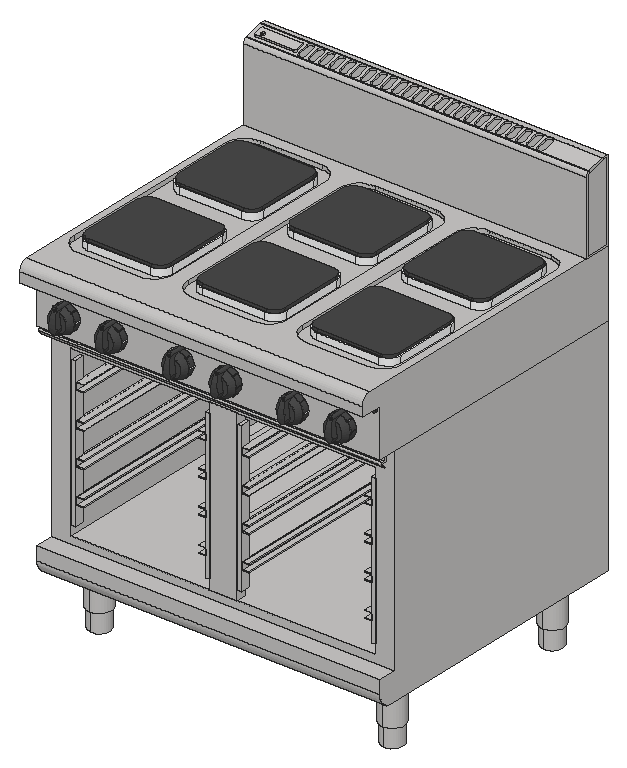
Revit family "QF_Moffat_RN8600SE-CB_Electric_Cooktops_Sealed_Hobs_cat", category Specialty Equipment, Revit 2019
Family settings
  Round Connector Dimension = Use Diameter
  Part Type = Normal
  Work Plane-Based = No
  Always vertical = Yes
  Cut with Voids When Loaded = No
  Shared = No
  Room Calculation Point = No
Parameters (values of type "QF_Moffat_RN8600SE-CB")
  Weight in Kilograms = 130
  Watts = 396 W
  Volts = 220 V
  URL Cutsheet = ""
  Specification by User = ""
  Specification by Manufacturer = ""
  Show Low Back [instance] = no
  Show Logo [instance] = yes
  Show High Back [instance] = not(Show Low Back)  # yes
  Serial Number = ""
  Seismic Rating = ""
  SMACNA No = ""
  Revision Code = ""
  Phase = 1
  Number of Poles = 1
  NAFEM Spec ID Number = ""
  Model = "RN8600SE-CB"
  Min Ckt Ampacity = 0 A
  Max Overcurrent Protection = 0 A
  Masterspec = ""
  Manufacturer = "Moffat"
  Length = 900 mm
  Item Number = ""
  Installed By = ""
  Identify Quantity as Lot = yes
  Height = 1130 mm
  HP = ""
  Furnished By = ""
  Foodservice Equipment Identifier = yes
  FL Amps = 1.8 A
  Electrical Remarks = ""
  Electric Connection Type = ""
  Elec Conn RI Height = 0 mm
  Elec Conn Connection Height = 0 mm
  Description = "Electric Cooktops Sealed Hobs"
  Depth = 805 mm
  Cycle = 50 Hz
  Conn Plug = ""
  Conn Conduit = yes
  CSI MasterFormat = ""
  Apparent Power = if(Phase = 3, Volts * FL Amps * 1.73, Volts * FL Amps)  # 396 VA
Reference planes
  plane 1 "BACK": y = 0
  plane 2: z = 0
  plane 3 "LEFT": x = 0
  plane 4 "RIGHT": x = 900
  plane 5 "FRONT": y = -805
  plane 6 "TOP": z = 1130
  plane 7 "Center Y": x = 450
  plane 8 "Center X": y = -402.5
Dimensions and locks
  equal spacing: plane 3 "LEFT", plane 7 "Center Y", plane 4 "RIGHT"
  "Length": plane 3 "LEFT" to plane 4 "RIGHT"
  equal spacing: plane 5 "FRONT", plane 8 "Center X", plane 1 "BACK"
  "Depth": plane 5 "FRONT" to plane 1 "BACK"
  "Height": plane 6 "TOP" to level
  aligned and locked: level to plane 2
Nested families
  nested 1: "RN8600SE-CB" at (0, 0, 0), type "E516S-CB"
  nested 2: "High and Low Option" at (0, 0, 0), High Back <- "Show High Back", Low Back <- "Show Low Back", Show Logo <- "Show Logo", type "RNLB8610SE"
    with Show Logo 2 yes, Show Logo 1 no, Show Logo yes, Low Back no, High Back yes
Connectors
  electrical at (770, -30, 148.4), driven by "Volts", driven by "Watts"
    settings: on nested 1, index 1, voltage 220 V, apparent load 396 VA, apparent load phase1 0 VA, apparent load phase2 0 VA, apparent load phase3 0 VA, power factor 1, load classification "Other", number of poles 1, system type 30, power factor state 1, is connector primary yes, connector utility no, sub classification motor no, connector description "ELECTRICAL CONNECTION"
Definition of nested family "RN8600SE-CB"
  Parameters (values of type "E516S-CB")
    Weight in Kilograms = 195
    Watts = Volts * FL Amps  # 396 W
    Volts = 220 V
    URL Cutsheet = ""
    Specification by User = ""
    Specification by Manufacturer = ""
    Serial Number = ""
    Seismic Rating = ""
    SMACNA No = ""
    Revision Code = ""
    Phase = 1
    Number of Poles = 1
    NAFEM Spec ID Number = ""
    Model = "RN8600SE-CB"
    Min Ckt Ampacity = 0 A
    Max Overcurrent Protection = 0 A
    Masterspec = ""
    Manufacturer = "Moffat"
    Length = 900 mm
    Item Number = ""
    Installed By = ""
    Identify Quantity as Lot = yes
    Height = 970 mm
    HP = ""
    Furnished By = ""
    Foodservice Equipment Identifier = yes
    FL Amps = 1.8 A
    Electrical Remarks = ""
    Electric Connection Type = ""
    Elec Conn RI Height = 0 mm
    Elec Conn Connection Height = 0 mm
    Description = "Electric Cooktops Sealed Hobs"
    Depth = 805 mm
    Cycle = 50 Hz
    Conn Plug = ""
    Conn Conduit = yes
    CSI MasterFormat = ""
    Apparent Power = if(Phase = 3, Volts * FL Amps * 1.73, Volts * FL Amps)  # 396 VA
  Reference planes
    plane 1 "BACK": y = 0
    plane 2: z = 0
    plane 3 "LEFT": x = 0
    plane 4 "RIGHT": x = 900
    plane 5 "FRONT": y = -805
    plane 6 "TOP": z = 915
    plane 7 "Center Y": x = 450
    plane 8 "Center X": y = -402.5
    plane 9: x = 65.5
    plane 10: x = 87.5
    plane 11: x = 211.766
    plane 12: y = -30
    plane 13: x = 770
    plane 14: x = 512.5
    plane 15: x = 388.234
    plane 16: x = 834.5
    plane 17: z = 150
    plane 18: y = -100
    plane 19: y = -625
    plane 20: z = 675
    plane 21: x = 812.5
    plane 22: x = 688.234
  Forms (mm)
    Extrusion 1, solid
      sketch origin (0, 0, 600) x (0, 1, 0) y (0, 0, 1)
        loop
          line (0, 140) -> (0, 315) -> (-781, 315)
          arc (-781, 315) -> (-797.971, 307.971) -> (-805, 291) r 24
          line (-805, 291) -> (-805, 266) -> (-749, 266) -> (-749, 140) -> (0, 140)
      from 0 to 900
    Extrusion 2, void
      sketch origin (0, -783.97, 914.5) x (0, 1, 0) y (-1, 0, 0)
        loop
          arc (681.97, -69) -> (667.325, -33.645) -> (631.97, -19) r 50
          line (631.97, -19) -> (131.97, -19)
          arc (131.97, -19) -> (96.615, -33.645) -> (81.97, -69) r 50
          line (81.97, -69) -> (81.97, -231)
          arc (81.97, -231) -> (96.615, -266.355) -> (131.97, -281) r 50
          line (131.97, -281) -> (631.97, -281)
          arc (631.97, -281) -> (667.325, -266.355) -> (681.97, -231) r 50
          line (681.97, -231) -> (681.97, -69)
        loop
          line (681.97, -831) -> (681.97, -669)
          arc (681.97, -669) -> (667.325, -633.645) -> (631.97, -619) r 50
          line (631.97, -619) -> (131.97, -619)
          arc (131.97, -619) -> (96.615, -633.645) -> (81.97, -669) r 50
          line (81.97, -669) -> (81.97, -831)
          arc (81.97, -831) -> (96.615, -866.355) -> (131.97, -881) r 50
          line (131.97, -881) -> (631.97, -881)
          arc (631.97, -881) -> (667.325, -866.355) -> (681.97, -831) r 50
        loop
          arc (81.97, -531) -> (96.615, -566.355) -> (131.97, -581) r 50
          line (131.97, -581) -> (631.97, -581)
          arc (631.97, -581) -> (667.325, -566.355) -> (681.97, -531) r 50
          line (681.97, -531) -> (681.97, -369)
          arc (681.97, -369) -> (667.325, -333.645) -> (631.97, -319) r 50
          line (631.97, -319) -> (131.97, -319)
          arc (131.97, -319) -> (96.615, -333.645) -> (81.97, -369) r 50
          line (81.97, -369) -> (81.97, -531)
      from 0.5 to -9.5
    Extrusion 3, solid
      sketch origin (0, -783.97, 905) x (0, 1, 0) y (-1, 0, 0)
        loop
          arc (645.97, -68) -> (636.597, -45.373) -> (613.97, -36) r 32
          line (613.97, -36) -> (449.97, -36)
          arc (449.97, -36) -> (427.343, -45.373) -> (417.97, -68) r 32
          line (417.97, -68) -> (417.97, -232)
          arc (417.97, -232) -> (427.343, -254.627) -> (449.97, -264) r 32
          line (449.97, -264) -> (613.97, -264)
          arc (613.97, -264) -> (636.597, -254.627) -> (645.97, -232) r 32
          line (645.97, -232) -> (645.97, -68)
        loop
          arc (345.97, -68) -> (336.597, -45.373) -> (313.97, -36) r 32
          line (313.97, -36) -> (149.97, -36)
          arc (149.97, -36) -> (127.343, -45.373) -> (117.97, -68) r 32
          line (117.97, -68) -> (117.97, -232)
          arc (117.97, -232) -> (127.343, -254.627) -> (149.97, -264) r 32
          line (149.97, -264) -> (313.97, -264)
          arc (313.97, -264) -> (336.597, -254.627) -> (345.97, -232) r 32
          line (345.97, -232) -> (345.97, -68)
        loop
          arc (645.97, -368) -> (636.597, -345.373) -> (613.97, -336) r 32
          line (613.97, -336) -> (449.97, -336)
          arc (449.97, -336) -> (427.343, -345.373) -> (417.97, -368) r 32
          line (417.97, -368) -> (417.97, -532)
          arc (417.97, -532) -> (427.343, -554.627) -> (449.97, -564) r 32
          line (449.97, -564) -> (613.97, -564)
          arc (613.97, -564) -> (636.597, -554.627) -> (645.97, -532) r 32
          line (645.97, -532) -> (645.97, -368)
        loop
          arc (417.97, -832) -> (427.343, -854.627) -> (449.97, -864) r 32
          line (449.97, -864) -> (613.97, -864)
          arc (613.97, -864) -> (636.597, -854.627) -> (645.97, -832) r 32
          line (645.97, -832) -> (645.97, -668)
          arc (645.97, -668) -> (636.597, -645.373) -> (613.97, -636) r 32
          line (613.97, -636) -> (449.97, -636)
          arc (449.97, -636) -> (427.343, -645.373) -> (417.97, -668) r 32
          line (417.97, -668) -> (417.97, -832)
        loop
          arc (345.97, -368) -> (336.597, -345.373) -> (313.97, -336) r 32
          line (313.97, -336) -> (149.97, -336)
          arc (149.97, -336) -> (127.343, -345.373) -> (117.97, -368) r 32
          line (117.97, -368) -> (117.97, -532)
          arc (117.97, -532) -> (127.343, -554.627) -> (149.97, -564) r 32
          line (149.97, -564) -> (313.97, -564)
          arc (313.97, -564) -> (336.597, -554.627) -> (345.97, -532) r 32
          line (345.97, -532) -> (345.97, -368)
        loop
          arc (117.97, -832) -> (127.343, -854.627) -> (149.97, -864) r 32
          line (149.97, -864) -> (313.97, -864)
          arc (313.97, -864) -> (336.597, -854.627) -> (345.97, -832) r 32
          line (345.97, -832) -> (345.97, -668)
          arc (345.97, -668) -> (336.597, -645.373) -> (313.97, -636) r 32
          line (313.97, -636) -> (149.97, -636)
          arc (149.97, -636) -> (127.343, -645.373) -> (117.97, -668) r 32
          line (117.97, -668) -> (117.97, -832)
      from 0 to 17.8
    Extrusion 4, solid
      sketch origin (0, -783.97, 922.8) x (0, 1, 0) y (-1, 0, 0)
        loop
          arc (641.97, -67) -> (634.062, -47.908) -> (614.97, -40) r 27
          line (614.97, -40) -> (448.97, -40)
          arc (448.97, -40) -> (429.878, -47.908) -> (421.97, -67) r 27
          line (421.97, -67) -> (421.97, -233)
          arc (421.97, -233) -> (429.878, -252.092) -> (448.97, -260) r 27
          line (448.97, -260) -> (614.97, -260)
          arc (614.97, -260) -> (634.062, -252.092) -> (641.97, -233) r 27
          line (641.97, -233) -> (641.97, -67)
        loop
          arc (341.97, -67) -> (334.062, -47.908) -> (314.97, -40) r 27
          line (314.97, -40) -> (148.97, -40)
          arc (148.97, -40) -> (129.878, -47.908) -> (121.97, -67) r 27
          line (121.97, -67) -> (121.97, -233)
          arc (121.97, -233) -> (129.878, -252.092) -> (148.97, -260) r 27
          line (148.97, -260) -> (314.97, -260)
          arc (314.97, -260) -> (334.062, -252.092) -> (341.97, -233) r 27
          line (341.97, -233) -> (341.97, -67)
        loop
          line (641.97, -833) -> (641.97, -667)
          arc (641.97, -667) -> (634.062, -647.908) -> (614.97, -640) r 27
          line (614.97, -640) -> (448.97, -640)
          arc (448.97, -640) -> (429.878, -647.908) -> (421.97, -667) r 27
          line (421.97, -667) -> (421.97, -833)
          arc (421.97, -833) -> (429.878, -852.092) -> (448.97, -860) r 27
          line (448.97, -860) -> (614.97, -860)
          arc (614.97, -860) -> (634.062, -852.092) -> (641.97, -833) r 27
        loop
          line (421.97, -367) -> (421.97, -533)
          arc (421.97, -533) -> (429.878, -552.092) -> (448.97, -560) r 27
          line (448.97, -560) -> (614.97, -560)
          arc (614.97, -560) -> (634.062, -552.092) -> (641.97, -533) r 27
          line (641.97, -533) -> (641.97, -367)
          arc (641.97, -367) -> (634.062, -347.908) -> (614.97, -340) r 27
          line (614.97, -340) -> (448.97, -340)
          arc (448.97, -340) -> (429.878, -347.908) -> (421.97, -367) r 27
        loop
          line (341.97, -833) -> (341.97, -667)
          arc (341.97, -667) -> (334.062, -647.908) -> (314.97, -640) r 27
          line (314.97, -640) -> (148.97, -640)
          arc (148.97, -640) -> (129.878, -647.908) -> (121.97, -667) r 27
          line (121.97, -667) -> (121.97, -833)
          arc (121.97, -833) -> (129.878, -852.092) -> (148.97, -860) r 27
          line (148.97, -860) -> (314.97, -860)
          arc (314.97, -860) -> (334.062, -852.092) -> (341.97, -833) r 27
        loop
          line (121.97, -367) -> (121.97, -533)
          arc (121.97, -533) -> (129.878, -552.092) -> (148.97, -560) r 27
          line (148.97, -560) -> (314.97, -560)
          arc (314.97, -560) -> (334.062, -552.092) -> (341.97, -533) r 27
          line (341.97, -533) -> (341.97, -367)
          arc (341.97, -367) -> (334.062, -347.908) -> (314.97, -340) r 27
          line (314.97, -340) -> (148.97, -340)
          arc (148.97, -340) -> (129.878, -347.908) -> (121.97, -367) r 27
      from 0 to 6.1
    Extrusion 5, solid
      sketch origin (0, 0, 600) x (0, 1, 0) y (0, 0, 1)
        loop
          line (-699, 85) -> (0, 85) -> (0, 140) -> (-699, 140) -> (-699, 85)
      from 0 to 900
    Extrusion 6, solid
      sketch origin (0, 0, 600) x (0, 1, 0) y (0, 0, 1)
        loop
          line (-730.6, 140) -> (-730.6, 130) -> (-740.105, 130)
          arc (-740.105, 130) -> (-743.076, 128.015) -> (-742.379, 124.511) r 3.215
          line (-742.379, 124.511) -> (-731.85, 113.982) -> (-730.719, 115.113) -> (-741.247, 125.642)
          arc (-741.247, 125.642) -> (-741.597, 127.403) -> (-740.105, 128.4) r 1.615
          line (-740.105, 128.4) -> (-729, 128.4) -> (-729, 140) -> (-730.6, 140)
      from 0 to 900
    Extrusion 7, solid
      sketch origin (450, 175.397, 1819.2) x (0, 1, 0) y (0, 0, 1)
        loop
          line (-874.397, -1109.2) -> (-889.234, -1109.2)
          arc (-889.234, -1109.2) -> (-890.834, -1110.8) -> (-889.234, -1112.4) r 1.6
          line (-889.234, -1112.4) -> (-874.397, -1112.4) -> (-874.397, -1109.2)
      from -400 to 400
    Extrusion 8, solid
      sketch origin (0, -749, 811.25) x (0, 0, 1) y (-1, 0, 0)
        loop
          circle (29.8, -732.5) r 7.15
        loop
          circle (29.8, -857.5) r 7.15
        loop
          circle (29.8, -431.766) r 7.15
        loop
          circle (29.8, -556.766) r 7.15
        loop
          circle (29.8, -131.031) r 7.15
        loop
          circle (29.8, -256.031) r 7.15
      from 0 to 1.6
    Extrusion 9, solid
      sketch origin (0, -749, 811.25) x (0, 0, 1) y (-1, 0, 0)
        loop
          circle (42.343, -13.157) r 5
        loop
          circle (42.343, -886.843) r 5
      from 0 to 1.6
    Extrusion 10, solid
      sketch origin (-6096, 187.719, 150) x (-1, 0, 0) y (0, 1, 0)
        loop
          circle (-6866, -217.719) r 6.35
      from 0 to 1.6
    Extrusion 11, solid
      sketch origin (-6096, 187.719, 150) x (0, 1, 0) y (-1, 0, 0)
        loop
          line (-187.719, -6096) -> (-886.719, -6096) -> (-886.719, -6146) -> (-235.719, -6146) -> (-235.719, -6946) -> (-886.719, -6946) -> (-886.719, -6996) -> (-187.719, -6996) -> (-187.719, -6096)
      from 0 to 535
    Extrusion 12, solid
      sketch origin (0, 0, 0) x (0, 1, 0) y (0, 0, 1)
        loop
          line (-48, 150) -> (-48, 242.5) -> (-699, 242.5) -> (-699, 222.5) -> (-749, 222.5) -> (-749, 188)
          arc (-749, 188) -> (-737.87, 161.13) -> (-711, 150) r 38
          line (-711, 150) -> (-48, 150)
      from 0 to 900
    Extrusion 13, solid
      sketch origin (550, -48, 150) x (0, -1, 0) y (0, 0, 1)
        loop
          line (651, 92.5) -> (651, 535) -> (625.6, 535) -> (625.6, 92.5) -> (651, 92.5)
        loop
          line (0, 535) -> (0, 92.5) -> (25.4, 92.5) -> (25.4, 535) -> (0, 535)
      from 64.5 to 135.5
    Extrusion 14, solid
      sketch origin (414.5, -48, 150) x (0, -1, 0) y (0, 0, 1)
        loop
          line (651, 507.5) -> (625.6, 507.5) -> (625.6, 117.5) -> (651, 117.5) -> (651, 507.5)
        loop
          line (25.4, 117.5) -> (25.4, 507.5) -> (0, 507.5) -> (0, 117.5) -> (25.4, 117.5)
      from 0 to 11.3
    Extrusion 15, solid
      sketch origin (50, 0, 150) x (0, -1, 0) y (0, 0, -1)
        loop
          line (699, -507.5) -> (699, -117.5) -> (673.6, -117.5) -> (673.6, -507.5) -> (699, -507.5)
        loop
          line (75.4, -117.5) -> (48, -117.5) -> (48, -507.5) -> (75.4, -507.5) -> (75.4, -117.5)
      from 0 to 11.3
    Extrusion 16, solid
      sketch origin (50, -48, 267.5) x (0, 0, 1) y (1, 0, 0)
        loop
          line (320, 334.2) -> (321.6, 334.2) -> (321.6, 351.6) -> (338.4, 351.6) -> (338.4, 334.2) -> (340, 334.2) -> (340, 353.2) -> (320, 353.2) -> (320, 334.2)
        loop
          line (230, 334.2) -> (231.6, 334.2) -> (231.6, 351.6) -> (248.4, 351.6) -> (248.4, 334.2) -> (250, 334.2) -> (250, 353.2) -> (230, 353.2) -> (230, 334.2)
        loop
          line (140, 334.2) -> (141.6, 334.2) -> (141.6, 351.6) -> (158.4, 351.6) -> (158.4, 334.2) -> (160, 334.2) -> (160, 353.2) -> (140, 353.2) -> (140, 334.2)
        loop
          line (50, 334.2) -> (51.6, 334.2) -> (51.6, 351.6) -> (68.4, 351.6) -> (68.4, 334.2) -> (70, 334.2) -> (70, 353.2) -> (50, 353.2) -> (50, 334.2)
      from 0 to -649
    Extrusion 17, solid
      sketch origin (50, -48, 267.5) x (0, 0, 1) y (1, 0, 0)
        loop
          line (320, 30.3) -> (320, 11.3) -> (340, 11.3) -> (340, 30.3) -> (338.4, 30.3) -> (338.4, 12.9) -> (321.6, 12.9) -> (321.6, 30.3) -> (320, 30.3)
        loop
          line (230, 30.3) -> (230, 11.3) -> (250, 11.3) -> (250, 30.3) -> (248.4, 30.3) -> (248.4, 12.9) -> (231.6, 12.9) -> (231.6, 30.3) -> (230, 30.3)
        loop
          line (140, 30.3) -> (140, 11.3) -> (160, 11.3) -> (160, 30.3) -> (158.4, 30.3) -> (158.4, 12.9) -> (141.6, 12.9) -> (141.6, 30.3) -> (140, 30.3)
        loop
          line (50, 30.3) -> (50, 11.3) -> (70, 11.3) -> (70, 30.3) -> (68.4, 30.3) -> (68.4, 12.9) -> (51.6, 12.9) -> (51.6, 30.3) -> (50, 30.3)
      from 0 to -649
    Revolve 18, solid
      sketch origin (65.5, -4572, -304.8) x (0, 0, -1) y (0, -1, 0)
        loop
          line (-304.8, -3947) -> (-454.8, -3947) -> (-454.8, -3978.75) -> (-354.8, -3978.75) -> (-354.8, -3974.5) -> (-304.8, -3974.5) -> (-304.8, -3947)
        axis (-454.8, -3947) -> (-304.8, -3947)
      angle from 0 to 360
    Revolve 19, solid
      sketch origin (834.5, -4572, -304.8) x (0, 0, -1) y (0, 1, 0)
        loop
          line (-304.8, 3947) -> (-304.8, 3974.5) -> (-354.8, 3974.5) -> (-354.8, 3978.75) -> (-454.8, 3978.75) -> (-454.8, 3947) -> (-304.8, 3947)
        axis (-454.8, 3947) -> (-304.8, 3947)
      angle from 0 to 360
    Extrusion 20, solid
      sketch origin (485.5, -48, 150) x (0, -1, 0) y (0, 0, -1)
        loop
          line (651, -507.5) -> (651, -117.5) -> (625.6, -117.5) -> (625.6, -507.5) -> (651, -507.5)
        loop
          line (25.4, -117.5) -> (0, -117.5) -> (0, -507.5) -> (25.4, -507.5) -> (25.4, -117.5)
      from 0 to 11.3
    Extrusion 21, solid
      sketch origin (850, 0, 150) x (0, -1, 0) y (0, 0, 1)
        loop
          line (699, 507.5) -> (673.6, 507.5) -> (673.6, 117.5) -> (699, 117.5) -> (699, 507.5)
        loop
          line (75.4, 117.5) -> (75.4, 507.5) -> (48, 507.5) -> (48, 117.5) -> (75.4, 117.5)
      from 0 to 11.3
    Extrusion 22, solid
      sketch origin (850, -48, 267.5) x (0, 0, 1) y (1, 0, 0)
        loop
          line (320, -334.2) -> (320, -353.2) -> (340, -353.2) -> (340, -334.2) -> (338.4, -334.2) -> (338.4, -351.6) -> (321.6, -351.6) -> (321.6, -334.2) -> (320, -334.2)
        loop
          line (230, -334.2) -> (230, -353.2) -> (250, -353.2) -> (250, -334.2) -> (248.4, -334.2) -> (248.4, -351.6) -> (231.6, -351.6) -> (231.6, -334.2) -> (230, -334.2)
        loop
          line (140, -334.2) -> (140, -353.2) -> (160, -353.2) -> (160, -334.2) -> (158.4, -334.2) -> (158.4, -351.6) -> (141.6, -351.6) -> (141.6, -334.2) -> (140, -334.2)
        loop
          line (50, -334.2) -> (50, -353.2) -> (70, -353.2) -> (70, -334.2) -> (68.4, -334.2) -> (68.4, -351.6) -> (51.6, -351.6) -> (51.6, -334.2) -> (50, -334.2)
      from 0 to -649
    Extrusion 23, solid
      sketch origin (850, -48, 267.5) x (0, 0, 1) y (1, 0, 0)
        loop
          line (320, -30.3) -> (321.6, -30.3) -> (321.6, -12.9) -> (338.4, -12.9) -> (338.4, -30.3) -> (340, -30.3) -> (340, -11.3) -> (320, -11.3) -> (320, -30.3)
        loop
          line (230, -30.3) -> (231.6, -30.3) -> (231.6, -12.9) -> (248.4, -12.9) -> (248.4, -30.3) -> (250, -30.3) -> (250, -11.3) -> (230, -11.3) -> (230, -30.3)
        loop
          line (140, -30.3) -> (141.6, -30.3) -> (141.6, -12.9) -> (158.4, -12.9) -> (158.4, -30.3) -> (160, -30.3) -> (160, -11.3) -> (140, -11.3) -> (140, -30.3)
        loop
          line (50, -30.3) -> (51.6, -30.3) -> (51.6, -12.9) -> (68.4, -12.9) -> (68.4, -30.3) -> (70, -30.3) -> (70, -11.3) -> (50, -11.3) -> (50, -30.3)
      from 0 to -649
    Revolve 24, solid
      sketch origin (65.5, 3847, -304.8) x (0, 0, -1) y (0, -1, 0)
        loop
          line (-304.8, 3947) -> (-304.8, 3974.5) -> (-354.8, 3974.5) -> (-354.8, 3978.75) -> (-454.8, 3978.75) -> (-454.8, 3947) -> (-304.8, 3947)
        axis (-454.8, 3947) -> (-304.8, 3947)
      angle from 0 to 360
    Revolve 25, solid
      sketch origin (834.5, 3847, -304.8) x (0, 0, -1) y (0, 1, 0)
        loop
          line (-304.8, -3947) -> (-454.8, -3947) -> (-454.8, -3978.75) -> (-354.8, -3978.75) -> (-354.8, -3974.5) -> (-304.8, -3974.5) -> (-304.8, -3947)
        axis (-454.8, -3947) -> (-304.8, -3947)
      angle from 0 to 360
  Cuts and joins
    Extrusion 2 cuts Extrusion 1
    joined: Extrusion 5, Extrusion 11, Extrusion 12
  Lines and regions (mm)
    symbolic lines
      curve 1: line (0, 0, 0) -> (900, 0, 0)
      curve 2: line (0, -805, 0) -> (0, 0, 0)
      curve 3: line (900, -805, 0) -> (0, -805, 0)
      curve 4: line (900, 0, 0) -> (900, -805, 0)
      curve 5: line (231, -702, 0) -> (69, -702, 0)
      curve 6: arc (69, -702, 0) -> (33.645, -687.355, 0) -> (19, -652, 0) r 50
      curve 7: line (19, -652, 0) -> (19, -152, 0)
      curve 8: arc (19, -152, 0) -> (33.645, -116.645, 0) -> (69, -102, 0) r 50
      curve 9: line (69, -102, 0) -> (231, -102, 0)
      curve 10: arc (231, -102, 0) -> (266.355, -116.645, 0) -> (281, -152, 0) r 50
      curve 11: line (281, -152, 0) -> (281, -652, 0)
      curve 12: arc (281, -652, 0) -> (266.355, -687.355, 0) -> (231, -702, 0) r 50
      curve 13: arc (369, -702, 0) -> (333.645, -687.355, 0) -> (319, -652, 0) r 50
      curve 14: line (319, -652, 0) -> (319, -152, 0)
      curve 15: arc (319, -152, 0) -> (333.645, -116.645, 0) -> (369, -102, 0) r 50
      curve 16: line (369, -102, 0) -> (531, -102, 0)
      curve 17: arc (531, -102, 0) -> (566.355, -116.645, 0) -> (581, -152, 0) r 50
      curve 18: line (581, -152, 0) -> (581, -652, 0)
      curve 19: arc (581, -652, 0) -> (566.355, -687.355, 0) -> (531, -702, 0) r 50
      curve 20: line (531, -702, 0) -> (369, -702, 0)
      curve 21: arc (669, -702, 0) -> (633.645, -687.355, 0) -> (619, -652, 0) r 50
      curve 22: line (619, -652, 0) -> (619, -152, 0)
      curve 23: arc (619, -152, 0) -> (633.645, -116.645, 0) -> (669, -102, 0) r 50
      curve 24: line (669, -102, 0) -> (831, -102, 0)
      curve 25: arc (831, -102, 0) -> (866.355, -116.645, 0) -> (881, -152, 0) r 50
      curve 26: line (881, -152, 0) -> (881, -652, 0)
      curve 27: arc (881, -652, 0) -> (866.355, -687.355, 0) -> (831, -702, 0) r 50
      curve 28: line (831, -702, 0) -> (669, -702, 0)
      curve 29: arc (532, -666, 0) -> (554.627, -656.627, 0) -> (564, -634, 0) r 32
      curve 30: line (564, -634, 0) -> (564, -470, 0)
      curve 31: arc (564, -470, 0) -> (554.627, -447.373, 0) -> (532, -438, 0) r 32
      curve 32: line (532, -438, 0) -> (368, -438, 0)
      curve 33: arc (368, -438, 0) -> (345.373, -447.373, 0) -> (336, -470, 0) r 32
      curve 34: line (336, -470, 0) -> (336, -634, 0)
      curve 35: arc (336, -634, 0) -> (345.373, -656.627, 0) -> (368, -666, 0) r 32
      curve 36: line (368, -666, 0) -> (532, -666, 0)
      curve 37: arc (533, -662, 0) -> (552.092, -654.092, 0) -> (560, -635, 0) r 27
      curve 38: line (560, -635, 0) -> (560, -469, 0)
      curve 39: arc (560, -469, 0) -> (552.092, -449.908, 0) -> (533, -442, 0) r 27
      curve 40: line (533, -442, 0) -> (367, -442, 0)
      curve 41: arc (367, -442, 0) -> (347.908, -449.908, 0) -> (340, -469, 0) r 27
      curve 42: line (340, -469, 0) -> (340, -635, 0)
      curve 43: arc (340, -635, 0) -> (347.908, -654.092, 0) -> (367, -662, 0) r 27
      curve 44: line (367, -662, 0) -> (533, -662, 0)
      curve 45: line (668, -666, 0) -> (832, -666, 0)
      curve 46: arc (832, -666, 0) -> (854.627, -656.627, 0) -> (864, -634, 0) r 32
      curve 47: line (864, -634, 0) -> (864, -470, 0)
      curve 48: arc (864, -470, 0) -> (854.627, -447.373, 0) -> (832, -438, 0) r 32
      curve 49: line (832, -438, 0) -> (668, -438, 0)
      curve 50: arc (668, -438, 0) -> (645.373, -447.373, 0) -> (636, -470, 0) r 32
      curve 51: line (636, -470, 0) -> (636, -634, 0)
      curve 52: arc (636, -634, 0) -> (645.373, -656.627, 0) -> (668, -666, 0) r 32
      curve 53: line (667, -662, 0) -> (833, -662, 0)
      curve 54: arc (833, -662, 0) -> (852.092, -654.092, 0) -> (860, -635, 0) r 27
      curve 55: line (860, -635, 0) -> (860, -469, 0)
      curve 56: arc (860, -469, 0) -> (852.092, -449.908, 0) -> (833, -442, 0) r 27
      curve 57: line (833, -442, 0) -> (667, -442, 0)
      curve 58: arc (667, -442, 0) -> (647.908, -449.908, 0) -> (640, -469, 0) r 27
      curve 59: line (640, -469, 0) -> (640, -635, 0)
      curve 60: arc (640, -635, 0) -> (647.908, -654.092, 0) -> (667, -662, 0) r 27
      curve 61: arc (636, -334, 0) -> (645.373, -356.627, 0) -> (668, -366, 0) r 32
      curve 62: line (668, -366, 0) -> (832, -366, 0)
      curve 63: arc (832, -366, 0) -> (854.627, -356.627, 0) -> (864, -334, 0) r 32
      curve 64: line (864, -334, 0) -> (864, -170, 0)
      curve 65: arc (864, -170, 0) -> (854.627, -147.373, 0) -> (832, -138, 0) r 32
      curve 66: line (832, -138, 0) -> (668, -138, 0)
      curve 67: arc (668, -138, 0) -> (645.373, -147.373, 0) -> (636, -170, 0) r 32
      curve 68: line (636, -170, 0) -> (636, -334, 0)
      curve 69: arc (640, -335, 0) -> (647.908, -354.092, 0) -> (667, -362, 0) r 27
      curve 70: line (667, -362, 0) -> (833, -362, 0)
      curve 71: arc (833, -362, 0) -> (852.092, -354.092, 0) -> (860, -335, 0) r 27
      curve 72: line (860, -335, 0) -> (860, -169, 0)
      curve 73: arc (860, -169, 0) -> (852.092, -149.908, 0) -> (833, -142, 0) r 27
      curve 74: line (833, -142, 0) -> (667, -142, 0)
      curve 75: arc (667, -142, 0) -> (647.908, -149.908, 0) -> (640, -169, 0) r 27
      curve 76: line (640, -169, 0) -> (640, -335, 0)
      curve 77: arc (533, -362, 0) -> (552.092, -354.092, 0) -> (560, -335, 0) r 27
      curve 78: line (560, -335, 0) -> (560, -169, 0)
      curve 79: arc (560, -169, 0) -> (552.092, -149.908, 0) -> (533, -142, 0) r 27
      curve 80: line (533, -142, 0) -> (367, -142, 0)
      curve 81: arc (367, -142, 0) -> (347.908, -149.908, 0) -> (340, -169, 0) r 27
      curve 82: line (340, -169, 0) -> (340, -335, 0)
      curve 83: arc (340, -335, 0) -> (347.908, -354.092, 0) -> (367, -362, 0) r 27
      curve 84: line (367, -362, 0) -> (533, -362, 0)
      curve 85: arc (532, -366, 0) -> (554.627, -356.627, 0) -> (564, -334, 0) r 32
      curve 86: line (564, -334, 0) -> (564, -170, 0)
      curve 87: arc (564, -170, 0) -> (554.627, -147.373, 0) -> (532, -138, 0) r 32
      curve 88: line (532, -138, 0) -> (368, -138, 0)
      curve 89: arc (368, -138, 0) -> (345.373, -147.373, 0) -> (336, -170, 0) r 32
      curve 90: line (336, -170, 0) -> (336, -334, 0)
      curve 91: arc (336, -334, 0) -> (345.373, -356.627, 0) -> (368, -366, 0) r 32
      curve 92: line (368, -366, 0) -> (532, -366, 0)
      curve 93: arc (233, -362, 0) -> (252.092, -354.092, 0) -> (260, -335, 0) r 27
      curve 94: line (260, -335, 0) -> (260, -169, 0)
      curve 95: arc (260, -169, 0) -> (252.092, -149.908, 0) -> (233, -142, 0) r 27
      curve 96: line (233, -142, 0) -> (67, -142, 0)
      curve 97: arc (67, -142, 0) -> (47.908, -149.908, 0) -> (40, -169, 0) r 27
      curve 98: line (40, -169, 0) -> (40, -335, 0)
      curve 99: arc (40, -335, 0) -> (47.908, -354.092, 0) -> (67, -362, 0) r 27
      curve 100: line (67, -362, 0) -> (233, -362, 0)
      curve 101: arc (232, -366, 0) -> (254.627, -356.627, 0) -> (264, -334, 0) r 32
      curve 102: line (264, -334, 0) -> (264, -170, 0)
      curve 103: arc (264, -170, 0) -> (254.627, -147.373, 0) -> (232, -138, 0) r 32
      curve 104: line (232, -138, 0) -> (68, -138, 0)
      curve 105: arc (68, -138, 0) -> (45.373, -147.373, 0) -> (36, -170, 0) r 32
      curve 106: line (36, -170, 0) -> (36, -334, 0)
      curve 107: arc (36, -334, 0) -> (45.373, -356.627, 0) -> (68, -366, 0) r 32
      curve 108: line (68, -366, 0) -> (232, -366, 0)
      curve 109: arc (260, -469, 0) -> (252.092, -449.908, 0) -> (233, -442, 0) r 27
      curve 110: line (233, -442, 0) -> (67, -442, 0)
      curve 111: arc (67, -442, 0) -> (47.908, -449.908, 0) -> (40, -469, 0) r 27
      curve 112: line (40, -469, 0) -> (40, -635, 0)
      curve 113: arc (40, -635, 0) -> (47.908, -654.092, 0) -> (67, -662, 0) r 27
      curve 114: line (67, -662, 0) -> (233, -662, 0)
      curve 115: arc (233, -662, 0) -> (252.092, -654.092, 0) -> (260, -635, 0) r 27
      curve 116: line (260, -635, 0) -> (260, -469, 0)
      curve 117: arc (264, -470, 0) -> (254.627, -447.373, 0) -> (232, -438, 0) r 32
      curve 118: line (232, -438, 0) -> (68, -438, 0)
      curve 119: arc (68, -438, 0) -> (45.373, -447.373, 0) -> (36, -470, 0) r 32
      curve 120: line (36, -470, 0) -> (36, -634, 0)
      curve 121: arc (36, -634, 0) -> (45.373, -656.627, 0) -> (68, -666, 0) r 32
      curve 122: line (68, -666, 0) -> (232, -666, 0)
      curve 123: arc (232, -666, 0) -> (254.627, -656.627, 0) -> (264, -634, 0) r 32
      curve 124: line (264, -634, 0) -> (264, -470, 0)
  Dimensions and locks
    equal spacing: plane 3 "LEFT", plane 7 "Center Y", plane 4 "RIGHT"
    "Length": plane 3 "LEFT" to plane 4 "RIGHT"
    equal spacing: plane 5 "FRONT", plane 8 "Center X", plane 1 "BACK"
    "Depth": plane 5 "FRONT" to plane 1 "BACK"
    plane 6 "TOP" to level = 915 mm
    plane 4 "RIGHT" to plane 3 "LEFT" = 900 mm
    plane 1 "BACK" to plane 5 "FRONT" = 805 mm
    plane 6 "TOP" to plane 2 = 915 mm
    locked: plane 13 to plane 4 "RIGHT" at 130
    plane 9 to plane 16 = 769 mm
    plane 17 to plane 2 = 150 mm
    plane 1 "BACK" to plane 18 = 100 mm
    plane 18 to plane 19 = 525 mm
    plane 20 to plane 2 = 675 mm
    plane 1 "BACK" to plane 12 = 30 mm
    aligned and locked: level to plane 2
  Automatic sketch dimensions
    Extrusion 6 sketch curve to Extrusion 6 sketch curve = 0 mm  (x2)
    Extrusion 6 sketch curve to plane 5 "FRONT" = 62.621 mm
    Extrusion 6 sketch curve to Extrusion 6 sketch curve = 1.131 mm  (x2)
    Extrusion 6 sketch curve to Extrusion 6 sketch curve = 1.142 mm  (x2)
    plane 20 to Extrusion 6 sketch curve = 38.982 mm
    Extrusion 6 sketch curve to Extrusion 6 sketch curve = 10.529 mm
    plane 20 to Extrusion 6 sketch curve = 40.113 mm
    Extrusion 6 sketch curve to Extrusion 6 sketch curve = 9.505 mm
    Extrusion 6 sketch curve to Extrusion 6 sketch curve = 1.6 mm
    Extrusion 6 sketch curve to Extrusion 6 sketch curve = 10 mm
    plane 20 to Extrusion 7 sketch curve = 35 mm
    Extrusion 7 sketch curve to plane 5 "FRONT" = 91.163 mm
    Extrusion 7 sketch curve to Extrusion 7 sketch curve = 14.837 mm
    Extrusion 7 sketch curve to Extrusion 7 sketch curve = 1.6 mm
    Extrusion 1 to Extrusion 8 sketch curve = 42.5 mm
    Extrusion 8 sketch curve to Extrusion 8 sketch curve = 125 mm  (x3)
    Extrusion 8 sketch curve to Extrusion 8 sketch curve = 175.734 mm  (x2)
    Extrusion 1 to Extrusion 9 sketch curve = 13.157 mm  (x2)
    Extrusion 11 sketch curve to plane 3 "LEFT" = 0 mm
    Extrusion 11 sketch curve to plane 4 "RIGHT" = 0 mm
    plane 1 "BACK" to Extrusion 11 sketch curve = 0 mm
    plane 12 to Extrusion 11 sketch curve = 18 mm
    plane 9 to Extrusion 11 sketch curve = 15.5 mm
    plane 19 to Extrusion 11 sketch curve = 74 mm  (x2)
    plane 16 to Extrusion 11 sketch curve = 15.5 mm
    plane 12 to Extrusion 13 sketch curve = 18 mm
    plane 20 to Extrusion 13 sketch curve = 10 mm  (x2)
    Extrusion 13 sketch curve to Extrusion 13 sketch curve = 25.4 mm  (x2)
    plane 19 to Extrusion 13 sketch curve = 48.6 mm
    plane 17 to Extrusion 13 sketch curve = 92.5 mm  (x2)
    Extrusion 14 sketch curve to Extrusion 13 = 0 mm  (x4)
    Extrusion 14 sketch curve to Extrusion 13 = 25 mm  (x2)
    Extrusion 14 sketch curve to Extrusion 13 = 27.5 mm  (x2)
    plane 12 to Extrusion 15 sketch curve = 18 mm
    Extrusion 15 sketch curve to plane 18 = 24.6 mm
    Extrusion 15 sketch curve to plane 20 = 17.5 mm  (x2)
    plane 19 to Extrusion 15 sketch curve = 48.6 mm
    Extrusion 15 sketch curve to Extrusion 15 sketch curve = 25.4 mm
    plane 17 to Extrusion 15 sketch curve = 117.5 mm  (x2)
    Extrusion 16 sketch curve to Extrusion 15 = 50 mm
    Extrusion 16 sketch curve to Extrusion 16 sketch curve = 1.6 mm  (x12)
    Extrusion 16 sketch curve to Extrusion 16 sketch curve = 16.8 mm  (x4)
    Extrusion 16 sketch curve to Extrusion 16 sketch curve = 70 mm  (x3)
    Extrusion 16 sketch curve to Extrusion 15 = 322.9 mm
    Extrusion 16 sketch curve to Extrusion 16 sketch curve = 0 mm  (x7)
    Extrusion 16 sketch curve to Extrusion 16 sketch curve = 17.4 mm  (x4)
    Extrusion 15 to Extrusion 17 sketch curve = 0 mm  (x4)
    Extrusion 17 sketch curve to Extrusion 15 = 19 mm  (x4)
    Extrusion 17 sketch curve to Extrusion 15 = 50 mm
    Extrusion 17 sketch curve to Extrusion 17 sketch curve = 1.6 mm  (x8)
    Extrusion 17 sketch curve to Extrusion 15 = 1.6 mm  (x4)
    Extrusion 17 sketch curve to Extrusion 17 sketch curve = 16.8 mm  (x4)
    Extrusion 17 sketch curve to Extrusion 17 sketch curve = 70 mm  (x3)
    Extrusion 17 sketch curve to Extrusion 17 sketch curve = 17.4 mm  (x3)
    Extrusion 17 sketch curve to Extrusion 17 sketch curve = 0 mm
    Revolve 18 sketch curve to plane 17 = 0 mm
    Revolve 18 sketch curve to level = 0 mm  (x2)
    Revolve 18 sketch curve to plane 19 = 0 mm  (x2)
    Revolve 18 sketch curve to Revolve 18 sketch curve = 50 mm
    Revolve 18 sketch curve to plane 19 = 27.5 mm
    Revolve 18 sketch curve to plane 19 = 31.75 mm
    Revolve 18 sketch curve to Revolve 18 sketch curve = 35 mm
    Revolve 19 sketch curve to plane 17 = 0 mm
    Revolve 19 sketch curve to level = 0 mm  (x2)
    Revolve 19 sketch curve to plane 19 = 0 mm  (x2)
    level to Revolve 19 sketch curve = 50 mm
    Revolve 19 sketch curve to Revolve 19 sketch curve = 27.5 mm
    Revolve 19 sketch curve to Revolve 19 sketch curve = 31.75 mm
    Revolve 19 sketch curve to Revolve 19 sketch curve = 35 mm
    plane 12 to Extrusion 20 sketch curve = 18 mm
    Extrusion 20 sketch curve to Extrusion 20 sketch curve = 25.4 mm  (x2)
    Extrusion 20 sketch curve to plane 20 = 17.5 mm  (x2)
    plane 19 to Extrusion 20 sketch curve = 48.6 mm
    plane 17 to Extrusion 20 sketch curve = 117.5 mm  (x2)
    plane 12 to Extrusion 21 sketch curve = 18 mm
    Extrusion 21 sketch curve to plane 18 = 24.6 mm
    Extrusion 21 sketch curve to plane 20 = 17.5 mm  (x2)
    plane 19 to Extrusion 21 sketch curve = 48.6 mm
    Extrusion 21 sketch curve to Extrusion 21 sketch curve = 25.4 mm
    plane 17 to Extrusion 21 sketch curve = 117.5 mm  (x2)
    Extrusion 22 sketch curve to Extrusion 21 = 50 mm
    Extrusion 22 sketch curve to Extrusion 22 sketch curve = 1.6 mm  (x12)
    Extrusion 22 sketch curve to Extrusion 22 sketch curve = 16.8 mm  (x4)
    Extrusion 22 sketch curve to Extrusion 22 sketch curve = 70 mm  (x3)
    Extrusion 22 sketch curve to Extrusion 21 = 341.9 mm
    Extrusion 22 sketch curve to Extrusion 22 sketch curve = 0 mm  (x4)
    Extrusion 22 sketch curve to Extrusion 22 sketch curve = 17.4 mm  (x7)
    Extrusion 23 sketch curve to Extrusion 21 = 0 mm  (x4)
    Extrusion 23 sketch curve to Extrusion 21 = 19 mm  (x4)
    Extrusion 23 sketch curve to Extrusion 21 = 50 mm
    Extrusion 23 sketch curve to Extrusion 23 sketch curve = 1.6 mm  (x8)
    Extrusion 23 sketch curve to Extrusion 21 = 1.6 mm  (x4)
    Extrusion 23 sketch curve to Extrusion 23 sketch curve = 16.8 mm  (x4)
    Extrusion 23 sketch curve to Extrusion 23 sketch curve = 70 mm  (x3)
    Extrusion 23 sketch curve to Extrusion 23 sketch curve = 0 mm  (x2)
    Extrusion 23 sketch curve to Extrusion 23 sketch curve = 17.4 mm  (x2)
    Revolve 24 sketch curve to plane 17 = 0 mm
    Revolve 24 sketch curve to level = 0 mm  (x2)
    Revolve 24 sketch curve to Revolve 24 sketch curve = 50 mm
    plane 18 to Revolve 24 sketch curve = 0 mm
    Revolve 24 sketch curve to Revolve 24 sketch curve = 27.5 mm
    Revolve 24 sketch curve to Revolve 24 sketch curve = 31.75 mm
    Revolve 24 sketch curve to level = 35 mm
    Revolve 24 sketch curve to Revolve 24 sketch curve = 0 mm
    Revolve 25 sketch curve to plane 17 = 0 mm
    Revolve 25 sketch curve to level = 0 mm  (x2)
    Revolve 25 sketch curve to Revolve 25 sketch curve = 50 mm
    plane 18 to Revolve 25 sketch curve = 31.75 mm
    Revolve 25 sketch curve to Revolve 25 sketch curve = 4.25 mm
    Revolve 25 sketch curve to Revolve 25 sketch curve = 27.5 mm
    Revolve 25 sketch curve to level = 35 mm
    Revolve 25 sketch curve to Revolve 25 sketch curve = 0 mm
    Extrusion 8 sketch curve to Extrusion 1 = 24.95 mm  (x6)
    Extrusion 9 sketch curve to Extrusion 1 = 12.407 mm  (x2)
    Extrusion 12 sketch curve to plane 17 = 0 mm
    Extrusion 12 sketch curve to plane 5 "FRONT" = 56 mm
    plane 12 to Extrusion 12 sketch curve = 18 mm
    plane 17 to Extrusion 12 sketch curve = 38 mm
    Extrusion 12 sketch curve to Extrusion 12 sketch curve = 20 mm
    Extrusion 12 sketch curve to Extrusion 12 sketch curve = 12 mm
    Extrusion 12 sketch curve to Extrusion 12 sketch curve = 34.5 mm
    Extrusion 2 sketch curve to plane 16 = 3.5 mm  (x2)
    plane 19 to Extrusion 2 sketch curve = 77 mm  (x3)
    plane 15 to Extrusion 2 sketch curve = 19.234 mm
    Extrusion 2 sketch curve to plane 9 = 3.5 mm  (x2)
    plane 19 to Extrusion 2 sketch curve = 27 mm  (x5)
    plane 22 to Extrusion 2 sketch curve = 19.234 mm
    plane 4 "RIGHT" to Extrusion 2 sketch curve = 19 mm
    plane 18 to Extrusion 2 sketch curve = 52 mm  (x4)
    plane 11 to Extrusion 2 sketch curve = 19.234 mm
    Extrusion 2 sketch curve to Extrusion 2 sketch curve = 50 mm
    Extrusion 2 sketch curve to Extrusion 2 sketch curve = 0 mm
    plane 18 to Extrusion 2 sketch curve = 2 mm
    Extrusion 2 sketch curve to Extrusion 2 sketch curve = 38 mm
    plane 1 "BACK" to curve 1 = 0 mm
    curve 1 to plane 3 "LEFT" = 0 mm
    plane 5 "FRONT" to curve 3 = 0 mm
    plane 3 "LEFT" to curve 7 = 19 mm
    plane 9 to curve 106 = 29.5 mm
    plane 19 to curve 120 = 9 mm
    curve 7 to curve 120 = 17 mm
    curve 121 to curve 112 = 4 mm
    curve 105 to curve 98 = 4 mm
    curve 110 to plane 9 = 1.5 mm
    curve 96 to plane 9 = 1.5 mm
    curve 100 to plane 9 = 1.5 mm
    curve 113 to plane 9 = 1.5 mm
    curve 97 to curve 105 = 1 mm
    curve 99 to curve 107 = 1 mm
    curve 122 to plane 9 = 2.5 mm
    curve 118 to plane 9 = 2.5 mm
    curve 8 to plane 9 = 3.5 mm
    curve 5 to plane 9 = 3.5 mm
    plane 11 to curve 12 = 19.234 mm
    plane 11 to curve 10 = 19.234 mm
    plane 19 to curve 123 = 9 mm
    curve 12 to curve 123 = 1 mm
    plane 11 to curve 108 = 20.234 mm
    plane 11 to curve 117 = 20.234 mm
    curve 10 to curve 103 = 1 mm
    curve 101 to curve 93 = 1 mm
    curve 117 to curve 109 = 1 mm
    curve 103 to curve 96 = 1 mm
    curve 123 to curve 114 = 1 mm
    curve 116 to curve 123 = 4 mm
    curve 95 to curve 94 = 27 mm
    curve 93 to curve 102 = 4 mm
    curve 124 to curve 11 = 17 mm
    curve 10 to curve 14 = 38 mm
    curve 15 to curve 90 = 17 mm
    plane 19 to curve 34 = 9 mm
    curve 13 to curve 34 = 17 mm
    curve 89 to curve 82 = 4 mm
    curve 34 to curve 42 = 4 mm
    plane 19 to curve 43 = 10 mm
    plane 15 to curve 43 = 21.234 mm
    plane 15 to curve 84 = 21.234 mm
    plane 15 to curve 40 = 21.234 mm
    plane 15 to curve 81 = 21.234 mm
    curve 80 to curve 88 = 1 mm
    curve 41 to curve 33 = 1 mm
    curve 83 to curve 91 = 1 mm
    curve 43 to curve 35 = 1 mm
    curve 43 to curve 13 = 2 mm
    plane 18 to curve 16 = 2 mm
    plane 15 to curve 16 = 19.234 mm
    plane 14 to curve 20 = 18.5 mm
    plane 14 to curve 16 = 18.5 mm
    plane 14 to curve 32 = 19.5 mm
    plane 14 to curve 92 = 19.5 mm
    plane 19 to curve 29 = 9 mm
    curve 19 to curve 29 = 1 mm
    curve 17 to curve 88 = 1 mm
    curve 92 to curve 84 = 1 mm
    curve 31 to curve 40 = 1 mm
    curve 87 to curve 80 = 1 mm
    curve 29 to curve 37 = 1 mm
    curve 38 to curve 29 = 4 mm
    curve 77 to curve 78 = 27 mm
    curve 78 to curve 86 = 4 mm
    curve 30 to curve 18 = 17 mm
    curve 18 to curve 22 = 38 mm
    plane 22 to curve 51 = 52.234 mm
    curve 23 to curve 68 = 17 mm
    curve 50 to curve 59 = 4 mm
    curve 67 to curve 76 = 4 mm
    plane 22 to curve 74 = 21.234 mm
    plane 22 to curve 57 = 21.234 mm
    plane 22 to curve 70 = 21.234 mm
    plane 19 to curve 60 = 10 mm
    plane 22 to curve 60 = 21.234 mm
    curve 69 to curve 61 = 1 mm
    curve 75 to curve 66 = 1 mm
    curve 60 to curve 52 = 1 mm
    curve 57 to curve 49 = 1 mm
    plane 22 to curve 28 = 19.234 mm
    curve 74 to curve 23 = 2 mm
    curve 24 to plane 16 = 3.5 mm
    curve 27 to plane 16 = 3.5 mm
    curve 46 to plane 16 = 2.5 mm
    curve 63 to plane 16 = 2.5 mm
    curve 66 to plane 16 = 2.5 mm
    curve 49 to plane 16 = 2.5 mm
    curve 65 to curve 73 = 1 mm  (x2)
    curve 46 to curve 54 = 1 mm
    curve 63 to curve 71 = 1 mm
    curve 48 to curve 56 = 1 mm
    plane 19 to curve 55 = 10 mm
    plane 16 to curve 72 = 25.5 mm
    curve 54 to curve 47 = 4 mm
    curve 71 to curve 64 = 4 mm
    plane 4 "RIGHT" to curve 26 = 19 mm
    curve 20 to curve 36 = 36 mm
    curve 5 to curve 122 = 36 mm
    curve 28 to curve 53 = 40 mm
    curve 45 to curve 53 = 4 mm
    curve 121 to curve 114 = 4 mm
    curve 120 to plane 8 "Center X" = 67.5 mm
    curve 50 to plane 8 "Center X" = 67.5 mm
    curve 34 to plane 8 "Center X" = 67.5 mm
    curve 34 to curve 42 = 1 mm
    curve 50 to curve 59 = 1 mm
    curve 117 to curve 116 = 1 mm
    plane 8 "Center X" to curve 62 = 36.5 mm
    plane 8 "Center X" to curve 108 = 36.5 mm
    plane 8 "Center X" to curve 92 = 36.5 mm
    curve 92 to curve 84 = 4 mm
    curve 108 to curve 100 = 4 mm
    curve 62 to curve 70 = 4 mm
    curve 102 to curve 14 = 18 mm
    curve 86 to curve 17 = 18 mm
    curve 68 to curve 18 = 18 mm
    curve 87 to curve 79 = 1 mm
    curve 102 to curve 94 = 1 mm
    curve 64 to curve 26 = 18 mm
    curve 102 to curve 11 = 18 mm
    Extrusion 4 sketch curve to plane 9 = 1.5 mm  (x4)
    plane 19 to Extrusion 4 sketch curve = 37 mm  (x3)
    plane 22 to Extrusion 4 sketch curve = 21.234 mm  (x4)
    plane 19 to Extrusion 4 sketch curve = 10 mm  (x6)
    Extrusion 4 sketch curve to plane 8 "Center X" = 66.5 mm  (x4)
    Extrusion 4 sketch curve to Extrusion 4 sketch curve = 27 mm  (x11)
    plane 14 to Extrusion 4 sketch curve = 20.5 mm
    plane 8 "Center X" to Extrusion 4 sketch curve = 40.5 mm  (x3)
    plane 11 to Extrusion 4 sketch curve = 21.234 mm  (x2)
    plane 16 to Extrusion 4 sketch curve = 25.5 mm  (x2)
    plane 18 to Extrusion 4 sketch curve = 69 mm  (x4)
    plane 15 to Extrusion 4 sketch curve = 21.234 mm  (x2)
    plane 14 to Extrusion 4 sketch curve = 47.5 mm
    plane 11 to Extrusion 4 sketch curve = 48.234 mm
    Extrusion 3 sketch curve to Extrusion 2 = 36 mm  (x3)
    Extrusion 3 sketch curve to Extrusion 2 = 17 mm  (x11)
    Extrusion 3 sketch curve to Extrusion 3 sketch curve = 32 mm  (x18)
    Extrusion 3 sketch curve to Extrusion 3 sketch curve = 164 mm  (x4)
    Extrusion 3 sketch curve to Extrusion 2 = 49 mm  (x2)
    Extrusion 3 sketch curve to Extrusion 3 sketch curve = 0 mm
    Extrusion 3 sketch curve to Extrusion 3 sketch curve = 72 mm  (x3)
    Extrusion 3 sketch curve to Extrusion 2 = 68 mm  (x6)
    Extrusion 5 sketch curve to plane 1 "BACK" = 0 mm
    plane 20 to Extrusion 5 sketch curve = 10 mm
    plane 19 to Extrusion 5 sketch curve = 74 mm
    Extrusion 5 sketch curve to Extrusion 5 sketch curve = 55 mm
    Extrusion 1 sketch curve to plane 5 "FRONT" = 0 mm
    Extrusion 1 sketch curve to plane 6 "TOP" = 0 mm
    Extrusion 1 sketch curve to plane 1 "BACK" = 0 mm
    Extrusion 1 sketch curve to plane 5 "FRONT" = 24 mm
    Extrusion 1 sketch curve to plane 5 "FRONT" = 56 mm
    Extrusion 1 sketch curve to Extrusion 1 sketch curve = 25 mm
    plane 20 to Extrusion 1 sketch curve = 65 mm
    curve 3 to plane 4 "RIGHT" = 0 mm
    Extrusion 11 to Extrusion 10 sketch curve = 18 mm
    Extrusion 10 sketch curve to Extrusion 11 = 80 mm
    radius of Extrusion 8 sketch curve = 7.15 mm  (x6)
    radius of Extrusion 9 sketch curve = 5 mm  (x2)
    radius of Extrusion 10 sketch curve = 6.35 mm
  Nested families
    nested 1: "Knob" at (55.003, -749, 764.5), type "Knob"
    nested 2: "Knob" at (179.269, -749, 764.5), type "Knob"
    nested 3: "Knob" at (355.738, -749, 764.5), type "Knob"
    nested 4: "Knob" at (480.003, -749, 764.5), type "Knob"
    nested 5: "Knob" at (655.738, -749, 764.5), type "Knob"
    nested 6: "Knob" at (780.003, -749, 764.5), type "Knob"
  Definition of nested family "Knob"
    Parameters (values of type "Knob")
      Weight in Pounds = 0
      URL Cutsheet = ""
      Specification by User = ""
      Specification by Manufacturer = ""
      Serial Number = ""
      Seismic Rating = ""
      SMACNA No = ""
      Revision Code = ""
      NAFEM Spec ID Number = ""
      Masterspec = ""
      Length = 65 mm
      Item Number = ""
      Installed By = ""
      Identify Quantity as Lot = yes
      Height = 69.5 mm
      Furnished By = ""
      Foodservice Equipment Identifier = yes
      Depth = 59 mm
      CSI MasterFormat = ""
    Reference planes
      plane 1 "BACK": y = 0
      plane 2: z = 0
      plane 3 "LEFT": x = 0
      plane 4 "RIGHT": x = 65
      plane 5 "FRONT": y = -59
      plane 6 "TOP": z = 69.5
      plane 7 "Center Y": x = 32.5
      plane 8 "Center X": y = -29.5
    Forms (mm)
      Revolve 1, solid
        sketch origin (32.5, 175.397, 1219.2) x (0, 1, 0) y (0, 0, 1)
          loop
            line (-175.397, -1186.7) -> (-219.397, -1186.7) -> (-219.397, -1211.501) -> (-202.106, -1219.2) -> (-185.397, -1219.2) -> (-185.397, -1191.7) -> (-175.397, -1191.7) -> (-175.397, -1186.7)
          axis (-219.397, -1186.7) -> (-175.397, -1186.7)
        angle from 0 to 360
      Extrusion 2, solid
        sketch origin (32.5, 175.397, 1219.2) x (0, 1, 0) y (0, 0, 1)
          loop
            line (-202.106, -1154.2) -> (-185.397, -1154.2) -> (-185.397, -1149.7) -> (-224.105, -1149.7)
            arc (-224.105, -1149.7) -> (-233.965, -1178.467) -> (-230.696, -1208.7) r 70
            line (-230.696, -1208.7) -> (-219.397, -1208.7) -> (-219.397, -1161.899) -> (-202.106, -1154.2)
        from -15 to 15
      Extrusion 3, void
        sketch origin (0, 0, 0) x (1, 0, 0) y (0, 0, 1)
          loop
            line (27.501, 64.613) -> (22.02, 20.585)
            arc (22.02, 20.585) -> (32.792, 10.488) -> (42.986, 21.169) r 10.487
            line (42.986, 21.169) -> (37.499, 64.613)
            arc (37.499, 64.613) -> (32.5, 69.5) -> (27.501, 64.613) r 5
          loop
            line (10, 72.977) -> (10, 5.625) -> (55, 5.625) -> (55, 72.977) -> (10, 72.977)
        from 6.142 to 69.687
      Extrusion 4, solid
        sketch origin (0, -34.115, -16.916) x (1, 0, 0) y (0, 0.45399, 0.891007)
          loop
            circle (32.497, 65) r 2
        from 51.525 to 53.075
      Extrusion 5, solid
        sketch origin (32.5, -10, 32.5) x (0, 0, -1) y (-1, 0, 0)
          loop
            line (-23.54, -22.408) -> (-24.106, -22.974)
            arc (-24.106, -22.974) -> (-23.547, -23.547) -> (-22.974, -24.106) r 33.3
            line (-22.974, -24.106) -> (-22.408, -23.54)
            arc (-22.408, -23.54) -> (-22.981, -22.981) -> (-23.54, -22.408) r 32.5
          loop
            arc (-0.8, -33.29) -> (0, -33.3) -> (0.8, -33.29) r 33.3
            line (0.8, -33.29) -> (0.8, -32.49)
            arc (0.8, -32.49) -> (0, -32.5) -> (-0.8, -32.49) r 32.5
            line (-0.8, -32.49) -> (-0.8, -33.29)
          loop
            arc (23.54, -22.408) -> (22.981, -22.981) -> (22.408, -23.54) r 32.5
            line (22.408, -23.54) -> (22.974, -24.106)
            arc (22.974, -24.106) -> (23.547, -23.547) -> (24.106, -22.974) r 33.3
            line (24.106, -22.974) -> (23.54, -22.408)
          loop
            arc (-23.54, 22.408) -> (-22.981, 22.981) -> (-22.408, 23.54) r 32.5
            line (-22.408, 23.54) -> (-22.974, 24.106)
            arc (-22.974, 24.106) -> (-23.547, 23.547) -> (-24.106, 22.974) r 33.3
            line (-24.106, 22.974) -> (-23.54, 22.408)
          loop
            line (-0.8, 33.29) -> (-0.8, 32.49)
            arc (-0.8, 32.49) -> (0, 32.5) -> (0.8, 32.49) r 32.5
            line (0.8, 32.49) -> (0.8, 33.29)
            arc (0.8, 33.29) -> (0, 33.3) -> (-0.8, 33.29) r 33.3
          loop
            line (32.49, -0.8) -> (33.29, -0.8)
            arc (33.29, -0.8) -> (33.3, 0) -> (33.29, 0.8) r 33.3
            line (33.29, 0.8) -> (32.49, 0.8)
            arc (32.49, 0.8) -> (32.5, 0) -> (32.49, -0.8) r 32.5
          loop
            arc (24.106, 22.974) -> (23.547, 23.547) -> (22.974, 24.106) r 33.3
            line (22.974, 24.106) -> (22.408, 23.54)
            arc (22.408, 23.54) -> (22.981, 22.981) -> (23.54, 22.408) r 32.5
            line (23.54, 22.408) -> (24.106, 22.974)
        from 0 to -16.709
    Cuts and joins
      Extrusion 3 cuts Extrusion 2
    Dimensions and locks
      equal spacing: plane 3 "LEFT", plane 7 "Center Y", plane 4 "RIGHT"
      "Length": plane 3 "LEFT" to plane 4 "RIGHT"
      equal spacing: plane 5 "FRONT", plane 8 "Center X", plane 1 "BACK"
      "Depth": plane 5 "FRONT" to plane 1 "BACK"
      "Height": plane 6 "TOP" to level
      plane 4 "RIGHT" to plane 3 "LEFT" = 65 mm
      aligned and locked: level to plane 2
    Automatic sketch dimensions
      Revolve 1 sketch curve to level = 0 mm
      Revolve 1 sketch curve to plane 1 "BACK" = 0 mm  (x2)
      plane 1 "BACK" to Revolve 1 sketch curve = 10 mm
      plane 8 "Center X" to Revolve 1 sketch curve = 2.791 mm
      Revolve 1 sketch curve to plane 8 "Center X" = 14.5 mm
      level to Revolve 1 sketch curve = 7.699 mm
      level to Revolve 1 sketch curve = 27.5 mm
      Revolve 1 sketch curve to Revolve 1 sketch curve = 5 mm
      Revolve 1 sketch curve to Revolve 1 sketch curve = 35 mm
      Revolve 1 sketch curve to Revolve 1 sketch curve = 0 mm
      Extrusion 2 sketch curve to plane 6 "TOP" = 0 mm
      Extrusion 2 sketch curve to plane 5 "FRONT" = 3.702 mm
      Extrusion 2 sketch curve to plane 5 "FRONT" = 10.293 mm
      Extrusion 2 sketch curve to Extrusion 2 sketch curve = 11.298 mm
      plane 8 "Center X" to Extrusion 2 sketch curve = 2.791 mm
      plane 1 "BACK" to Extrusion 2 sketch curve = 10 mm
      Extrusion 2 sketch curve to plane 1 "BACK" = 11 mm
      Extrusion 2 sketch curve to plane 6 "TOP" = 4.5 mm
      Extrusion 2 sketch curve to plane 6 "TOP" = 12.199 mm
      level to Extrusion 2 sketch curve = 32.962 mm
      level to Extrusion 3 sketch curve = 5.625 mm
      Extrusion 3 sketch curve to plane 7 "Center Y" = 0 mm  (x2)
      Extrusion 3 sketch curve to plane 7 "Center Y" = 4.999 mm
      Extrusion 3 sketch curve to plane 7 "Center Y" = 10.48 mm
      plane 6 "TOP" to Extrusion 3 sketch curve = 3.477 mm
      plane 3 "LEFT" to Extrusion 3 sketch curve = 10 mm
      Extrusion 3 sketch curve to plane 6 "TOP" = 4.887 mm
      Extrusion 3 sketch curve to Extrusion 3 sketch curve = 4.999 mm
      plane 7 "Center Y" to Extrusion 3 sketch curve = 10.486 mm
      level to Extrusion 3 sketch curve = 20.585 mm
      Extrusion 3 sketch curve to Extrusion 3 sketch curve = 0.387 mm
      Extrusion 3 sketch curve to Extrusion 3 sketch curve = 0.113 mm
      plane 4 "RIGHT" to Extrusion 3 sketch curve = 10 mm
      Extrusion 5 sketch curve to Revolve 1 = 32.49 mm
      Revolve 1 to Extrusion 5 sketch curve = 32.49 mm
      Extrusion 5 sketch curve to Revolve 1 = 23.54 mm  (x2)
      Revolve 1 to Extrusion 5 sketch curve = 23.54 mm  (x2)
      Extrusion 5 sketch curve to Revolve 1 = 24.106 mm  (x2)
      Revolve 1 to Extrusion 5 sketch curve = 24.106 mm  (x2)
      Revolve 1 to Extrusion 5 sketch curve = 22.408 mm  (x2)
      Extrusion 5 sketch curve to Revolve 1 = 22.408 mm  (x2)
      Revolve 1 to Extrusion 5 sketch curve = 22.974 mm  (x2)
      Extrusion 5 sketch curve to Revolve 1 = 22.974 mm  (x2)
      Extrusion 5 sketch curve to Extrusion 5 sketch curve = 1.6 mm  (x2)
      Revolve 1 to Extrusion 5 sketch curve = 0.8 mm
      Extrusion 5 sketch curve to Revolve 1 = 0.8 mm
      Extrusion 4 sketch curve to plane 7 "Center Y" = 0.003 mm
      radius of Extrusion 5 sketch curve to Revolve 1 = 0 mm  (x7)
      radius of Revolve 1 to Extrusion 5 sketch curve = 0.8 mm  (x7)
      radius of Extrusion 4 sketch curve = 2 mm
Definition of nested family "High and Low Option"
  Parameters (values of type "RNLB8610SE")
    Weight in Kilograms = 0
    Watts = Volts * FL Amps  # 12400 W
    Volts = 400 V
    URL Cutsheet = ""
    Specification by User = ""
    Specification by Manufacturer = ""
    Show Logo 2 [instance] = and(Show Logo, High Back)  # yes
    Show Logo 1 [instance] = and(Show Logo, Low Back)  # yes
    Show Logo [instance] = yes
    Serial Number = ""
    Seismic Rating = ""
    SMACNA No = ""
    Revision Code = ""
    Phase = 3
    Number of Poles = 1
    NAFEM Spec ID Number = ""
    Model = ""
    Min Ckt Ampacity = 0 A
    Max Overcurrent Protection = 0 A
    Masterspec = ""
    Manufacturer = ""
    Low Back [instance] = yes
    Length = 900 mm
    Item Number = ""
    Installed By = ""
    Identify Quantity as Lot = yes
    High Back [instance] = yes
    Height = 970 mm
    HP = ""
    Furnished By = ""
    Foodservice Equipment Identifier = yes
    FL Amps = 31 A
    Electrical Remarks = ""
    Electric Connection Type = ""
    Elec Conn RI Height = 0 mm
    Elec Conn Connection Height = 0 mm
    Description = ""
    Depth = 805 mm
    Cycle = 50 Hz
    Conn Plug = ""
    Conn Conduit = yes
    CSI MasterFormat = ""
    Apparent Power = if(Phase = 3, Volts * FL Amps * 1.73, Volts * FL Amps)  # 21452 VA
  Reference planes
    plane 1 "BACK": y = 0
    plane 2: z = 0
    plane 3 "LEFT": x = 0
    plane 4 "RIGHT": x = 900
    plane 5 "FRONT": y = -805
    plane 6 "TOP": z = 970
    plane 7 "Center Y": x = 450
    plane 8 "Center X": y = -402.5
    plane 9: x = 65.5
    plane 10: x = 834.5
    plane 11: z = 150
    plane 12: z = 675
    plane 13: z = 1130
    plane 14: z = 934.75
  Forms (mm)
    Extrusion 1, solid, visible <- "Low Back"
      sketch origin (0, 0, 600) x (0, 1, 0) y (0, 0, 1)
        loop
          line (-70, 315) -> (0, 315) -> (0, 370) -> (-55, 370) -> (-70, 355) -> (-70, 315)
      from 0 to 900
    Extrusion 2, solid, visible <- "High Back"
      sketch origin (0, 0, 0) x (0, 1, 0) y (0, 0, 1)
        loop
          line (-70, 915) -> (0, 915) -> (0, 1130) -> (-15, 1130) -> (-14.143, 1126.8) -> (-3.2, 1126.8) -> (-3.2, 918.2) -> (-66.8, 918.2) -> (-66.8, 1105.938)
          arc (-66.8, 1105.938) -> (-64.972, 1111.307) -> (-60.248, 1114.446) r 8.8
          line (-60.248, 1114.446) -> (-61.106, 1117.646)
          arc (-61.106, 1117.646) -> (-67.52, 1113.36) -> (-70, 1106.055) r 12
          line (-70, 1106.055) -> (-70, 915)
      from 0 to 900
